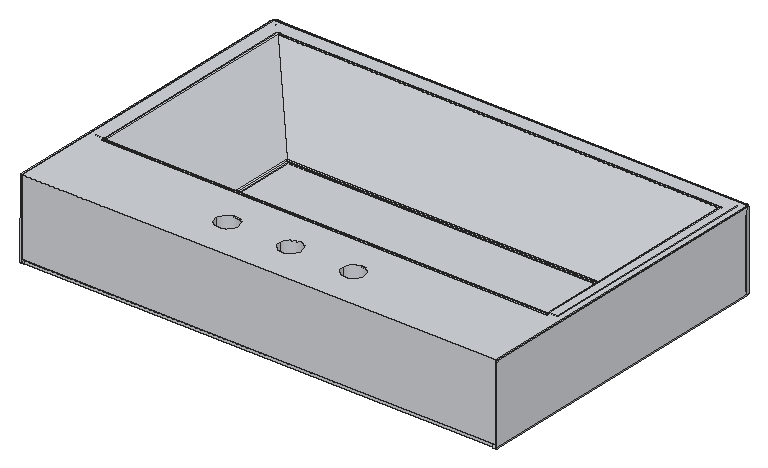
Revit family
Parameters (values of type "650 x 500mm")
  Material = none
  Manufacturer = "Revit"
  Assembly Code = "D2010440"
Reference planes
  plane 1 "Center (Front/Back)": y = 0
  plane 2: z = 0
  plane 3 "Center (Left/Right)": x = 0
  plane 4: x = -134.49
  plane 5: x = -249.489
  plane 6: x = -224.489
Forms (mm)
  Sweep 1, solid, material <- "Material"
    path origin (-125, -75, 630) x (1, 0, 0) y (0, 1, 0)
      loop
        line (-223.531, 210) -> (-223.531, 550) -> (476.469, 550) -> (476.469, 210)
    profile origin (0, 305, 0) x (-1, 0, 0) y (0, 0, 1)
      loop
        line (363.392, 745) -> (363.392, 750) -> (349.501, 750)
        arc (349.501, 750) -> (348.531, 749.749) -> (347.805, 749.06) r 2
        line (347.805, 749.06) -> (273.98, 630.94)
        arc (273.98, 630.94) -> (273.253, 630.251) -> (272.284, 630) r 2
        line (272.284, 630) -> (268.039, 630) -> (268.039, 624.958) -> (276.137, 624.958) -> (351.163, 745) -> (363.392, 745)
  Sweep 2, solid, material <- "Material"
    path origin (-125, -75, 630) x (1, 0, 0) y (0, 1, 0)
      loop
        line (-226.163, 205) -> (479.101, 205)
    profile origin (1.469, 0, 0) x (0, 1, 0) y (0, 0, 1)
      loop
        line (149.827, 631.749) -> (135.102, 748.251)
        arc (135.102, 748.251) -> (134.441, 749.5) -> (133.118, 750) r 2
        line (133.118, 750) -> (129.881, 750) -> (145.686, 624.958) -> (155.686, 624.958) -> (155.686, 630) -> (151.811, 630)
        arc (151.811, 630) -> (150.489, 630.5) -> (149.827, 631.749) r 2
  Extrusion 3, solid, material <- "Material"
    sketch origin (-125, -75, 630) x (1, 0, 0) y (0, 1, 0)
      loop
        arc (-245.531, 573) -> (-247.653, 572.121) -> (-248.531, 570) r 3
        line (-248.531, 570) -> (-248.531, 75) -> (501.469, 75) -> (501.469, 570)
        arc (501.469, 570) -> (500.59, 572.121) -> (498.469, 573) r 3
        line (498.469, 573) -> (-245.531, 573)
      loop
        circle (25.511, 139.361) r 17.5
      loop
        circle (125.511, 139.361) r 17.5
      loop
        circle (225.511, 139.361) r 17.5
      loop
        line (479.101, 550) -> (-226.163, 550) -> (-226.163, 205) -> (479.101, 205) -> (479.101, 550)
    from 0 to 120
  Sweep 4, solid, material <- "Material"
    path origin (-125, -75, 630) x (1, 0, 0) y (0, 1, 0)
      loop
        line (-248.531, 75) -> (-248.531, 570)
        arc (-248.531, 570) -> (-247.067, 573.536) -> (-243.531, 575) r 5
        line (-243.531, 575) -> (496.469, 575)
        arc (496.469, 575) -> (500.004, 573.536) -> (501.469, 570) r 5
        line (501.469, 570) -> (501.469, 75)
    profile origin (0, 247.5, 0) x (-1, 0, 0) y (0, 0, 1)
      loop
        line (373.531, 750) -> (373.531, 625) -> (374.531, 625)
        arc (374.531, 625) -> (375.238, 625.293) -> (375.531, 626) r 1
        line (375.531, 626) -> (375.531, 749)
        arc (375.531, 749) -> (375.238, 749.707) -> (374.531, 750) r 1
        line (374.531, 750) -> (373.531, 750)
  Extrusion 5, solid, material <- "Material"
    sketch origin (-125, -75, 630) x (1, 0, 0) y (0, 1, 0)
      loop
        arc (-248.531, 80) -> (-247.067, 76.464) -> (-243.531, 75) r 5
        line (-243.531, 75) -> (496.469, 75)
        arc (496.469, 75) -> (500.004, 76.464) -> (501.469, 80) r 5
        line (501.469, 80) -> (501.469, 570)
        arc (501.469, 570) -> (500.004, 573.536) -> (496.469, 575) r 5
        line (496.469, 575) -> (-243.531, 575)
        arc (-243.531, 575) -> (-247.067, 573.536) -> (-248.531, 570) r 5
        line (-248.531, 570) -> (-248.531, 80)
      loop
        circle (125.51, 275) r 23
    from -5.042 to 0
Lines and regions (mm)
  symbolic lines
    curve 1: spline (-13.969, 136.838, 0) -> (-13.543, 137.579, 0) -> (-12.294, 138.271, 0) -> (-10.308, 138.864, 0) -> (-7.719, 139.32, 0) -> (-4.704, 139.606, 0) -> (-1.469, 139.704, 0) -> (1.766, 139.606, 0) -> (4.781, 139.32, 0) -> (7.37, 138.864, 0) -> (9.357, 138.271, 0) -> (10.605, 137.579, 0) -> (11.031, 136.838, 0)
    curve 2: spline (-13.969, 136.838, 0) -> (-13.543, 136.096, 0) -> (-12.294, 135.405, 0) -> (-10.308, 134.811, 0) -> (-7.719, 134.356, 0) -> (-4.704, 134.069, 0) -> (-1.469, 133.972, 0) -> (1.766, 134.069, 0) -> (4.781, 134.356, 0) -> (7.37, 134.811, 0) -> (9.357, 135.405, 0) -> (10.605, 136.096, 0) -> (11.031, 136.838, 0)
    curve 3: line (370, 500, 0) -> (-370, 500, 0)
    curve 4: arc (-370, 500, 0) -> (-373.536, 498.536, 0) -> (-375, 495, 0) r 5
    curve 5: line (-375, 495, 0) -> (-375, 0, 0)
    curve 6: line (-375, 0, 0) -> (375, 0, 0)
    curve 7: line (375, 0, 0) -> (375, 495, 0)
    curve 8: arc (375, 495, 0) -> (373.536, 498.536, 0) -> (370, 500, 0) r 5
    curve 9: line (345, 475, 0) -> (-345, 475, 0)
    curve 10: arc (-345, 475, 0) -> (-348.536, 473.536, 0) -> (-350, 470, 0) r 5
    curve 11: line (-350, 470, 0) -> (-350, 135, 0)
    curve 12: arc (-350, 135, 0) -> (-348.536, 131.464, 0) -> (-345, 130, 0) r 5
    curve 13: line (-345, 130, 0) -> (345, 130, 0)
    curve 14: arc (345, 130, 0) -> (348.536, 131.464, 0) -> (350, 135, 0) r 5
    curve 15: line (350, 135, 0) -> (350, 470, 0)
    curve 16: arc (350, 470, 0) -> (348.536, 473.536, 0) -> (345, 475, 0) r 5
    curve 17: line (-348.555, 473.516, 0) -> (-270.329, 393.13, 0)
    curve 18: line (348.536, 473.536, 0) -> (268.13, 393.13, 0)
    curve 19: line (-347.276, 130.548, 0) -> (-270.329, 146.03, 0)
    curve 20: line (347.255, 130.537, 0) -> (268.13, 146.03, 0)
    curve 21: line (268.13, 388.13, 0) -> (268.13, 151.03, 0)
    curve 22: arc (268.13, 151.03, 0) -> (266.665, 147.494, 0) -> (263.13, 146.03, 0) r 5
    curve 23: line (263.13, 146.03, 0) -> (-265.329, 146.03, 0)
    curve 24: arc (-265.329, 146.03, 0) -> (-268.865, 147.494, 0) -> (-270.329, 151.03, 0) r 5
    curve 25: line (-270.329, 151.03, 0) -> (-270.329, 388.13, 0)
    curve 26: arc (-270.329, 388.13, 0) -> (-268.865, 391.665, 0) -> (-265.329, 393.13, 0) r 5
    curve 27: line (-265.329, 393.13, 0) -> (263.13, 393.13, 0)
    curve 28: arc (263.13, 393.13, 0) -> (266.665, 391.665, 0) -> (268.13, 388.13, 0) r 5
    curve 29: arc (36.031, 200, 0) -> (-1.469, 237.5, 0) -> (-38.969, 200, 0) r 37.5
    curve 30: arc (-38.969, 200, 0) -> (-1.469, 162.5, 0) -> (36.031, 200, 0) r 37.5
    curve 31: arc (-1.469, 177, 0) -> (-24.469, 200, 0) -> (-1.469, 223, 0) r 23
    curve 32: arc (-1.469, 223, 0) -> (21.531, 200, 0) -> (-1.469, 177, 0) r 23
    curve 33: arc (-82.5, 70, 0) -> (-100, 87.5, 0) -> (-117.5, 70, 0) r 17.5
    curve 34: arc (-117.5, 70, 0) -> (-100, 52.5, 0) -> (-82.5, 70, 0) r 17.5
    curve 35: arc (-17.5, 70, 0) -> (0, 52.5, 0) -> (17.5, 70, 0) r 17.5
    curve 36: arc (17.5, 70, 0) -> (0, 87.5, 0) -> (-17.5, 70, 0) r 17.5
    curve 37: arc (82.5, 70, 0) -> (100, 52.5, 0) -> (117.5, 70, 0) r 17.5
    curve 38: arc (117.5, 70, 0) -> (100, 87.5, 0) -> (82.5, 70, 0) r 17.5
